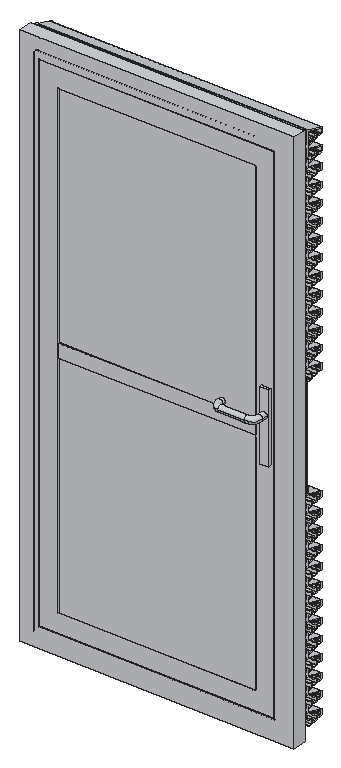
Revit family "NLRS_31_DO_WB_HS50R enkele deur-AV_jazo_jazo", category Doors, host Wall, Revit 2020
Family settings
  Host = Wall
  OmniClass Number = 23.30.10.00
  OmniClass Title = Doors
  Always vertical = Yes
  Cut with Voids When Loaded = No
  Shared = No
  Room Calculation Point = No
Parameters (values of type "TYPE CATALOG")
  URL = "www.jazo.com"
  Thickness = if(JAZO_C_forster presto kozijn, 50 mm, if(JAZO_C_aluminium kozijn, 60 mm, 50 mm))  # 50 mm
  Rough Width = NLRS_C_breedte_01  # 1010 mm
  Rough Height = NLRS_C_hoogte_01  # 2010 mm
  Operation = ""
  Negge = 82.5 mm
  NLRS_C_zelfsluitend = no
  NLRS_C_weerstandsklasse = "Voor specificaties of mogelijkheden, neem contact op."  # constant formula
  NLRS_C_vluchtroute = "Voor specificaties of mogelijkheden, neem contact op."  # constant formula
  NLRS_C_stelruimte = if(NLRS_C_brandwerend, 10 mm, 5 mm)  # 5 mm
  NLRS_C_rookwerendheid = "Voor specificaties of mogelijkheden, neem contact op."  # constant formula
  NLRS_C_offset_02 = if(JAZO_C_calculatie_03 < 0 mm, JAZO_C_calculatie_03 - ((NLRS_C_aantal_02 - 10) * 59.5 mm), NLRS_C_offset_01)  # 36.1 mm
  NLRS_C_offset_01 = if(JAZO_C_calculatie_03 > 0 mm, JAZO_C_calculatie_03 - ((NLRS_C_aantal_01 - 2) * 59.5 mm), 0 mm)  # 0 mm
  NLRS_C_offset = Negge  # 82.5 mm
  NLRS_C_merk = "Voor specificaties of mogelijkheden, neem contact op."  # constant formula
  NLRS_C_leverancier_url = "www.jazo.com"  # constant formula
  NLRS_C_leverancier_telefoonnummer = "+31 316 - 59 29 11"  # constant formula
  NLRS_C_leverancier_postcode = "6905 DJ"  # constant formula
  NLRS_C_leverancier_plaats = "Zevenaar"  # constant formula
  NLRS_C_leverancier_email = "info@jazo.com"  # constant formula
  NLRS_C_leverancier_bedrijfsnaam = "JAZO Zevenaar bv"  # constant formula
  NLRS_C_leverancier_adres = "Handelsdwarsstraat 10"  # constant formula
  NLRS_C_lengte_02 = if(JAZO_C_calculatie_02 < (10 * 59.5 mm), JAZO_C_calculatie_02, (10 * 59.5 mm))  # 512.1 mm
  NLRS_C_lengte_01 = if(JAZO_C_calculatie_01 > (2 * 59.5 mm), JAZO_C_calculatie_01, (2 * 59.5 mm))  # 119 mm
  NLRS_C_inbraakwerend = no
  NLRS_C_hoogte_min = if(JAZO_C_forster presto kozijn, if(and(NLRS_C_brandwerend, NLRS_C_inbraakwerend), 2050 mm, if(NLRS_C_inbraakwerend, 2050 mm, if(NLRS_C_brandwerend, 2000 mm, 1850 mm))), if(JAZO_C_aluminium kozijn, 1850 mm, 1850 mm))  # 1850 mm
  NLRS_C_hoogte_max = if(JAZO_C_forster presto kozijn, if(NLRS_C_inbraakwerend, 2640 mm, 3000 mm), if(JAZO_C_aluminium kozijn, if(NLRS_C_inbraakwerend, 2645 mm, 3200 mm), 2000 mm))  # 3000 mm
  NLRS_C_hoogte_01 = NLRS_C_hoogte + (NLRS_C_stelruimte * 2)  # 2010 mm
  NLRS_C_hoogte = if(Height < NLRS_C_hoogte_min, NLRS_C_hoogte_min, if(Height > NLRS_C_hoogte_max, NLRS_C_hoogte_max, Height))  # 2000 mm
  NLRS_C_geluidwering Rw = "Voor specificaties of mogelijkheden, neem contact op."  # constant formula
  NLRS_C_diepte_02 = if(JAZO_C_forster presto kozijn, 50 mm, 30 mm)  # 50 mm
  NLRS_C_diepte_01 = if(JAZO_C_forster presto kozijn, 132.5 mm, 142.5 mm)  # 132.5 mm
  NLRS_C_diepte = Thickness  # 50 mm
  NLRS_C_content_versie = "2.5"  # constant formula
  NLRS_C_content_revit versie = "REVIT 2020.2"  # constant formula
  NLRS_C_content_provider = "JAZO Zevenaar bv"  # constant formula
  NLRS_C_content_datum uitgifte = "17-8-2022"  # constant formula
  NLRS_C_content_datum gewijzigd = "7-11-2022"  # constant formula
  NLRS_C_content_creator = "JAZO Zevenaar bv"  # constant formula
  NLRS_C_breedte_min = 850 mm  # constant formula
  NLRS_C_breedte_max = if(JAZO_C_forster presto kozijn, if(NLRS_C_inbraakwerend, 1440 mm, 1500 mm), if(JAZO_C_aluminium kozijn, if(NLRS_C_inbraakwerend, 1661 mm, 1400 mm), 1000 mm))  # 1500 mm
  NLRS_C_breedte_01 = NLRS_C_breedte + NLRS_C_stelruimte * 2  # 1010 mm
  NLRS_C_breedte = if(Width < NLRS_C_breedte_min, NLRS_C_breedte_min, if(Width > NLRS_C_breedte_max, NLRS_C_breedte_max, Width))  # 1000 mm
  NLRS_C_brandwerend = no
  NLRS_C_aantal_02 = if(NLRS_C_hoogte < 2082.9 mm, rounddown(JAZO_C_calculatie_02 / 59.5 mm), 10)  # 8
  NLRS_C_aantal_01 = if(NLRS_C_hoogte > 2082.9 mm, rounddown(JAZO_C_calculatie_01 / 59.5 mm), 2)  # 2
  Model = "HS50R enkele deur"  # constant formula
  Manufacturer = "JAZO Zevenaar bv"  # constant formula
  MIN WIDTH = NLRS_C_breedte_min  # 850 mm
  MIN HEIGHT = NLRS_C_hoogte_min  # 1850 mm
  MAX WIDTH = NLRS_C_breedte_max  # 1500 mm
  MAX HEIGHT = NLRS_C_hoogte_max  # 3000 mm
  JAZO_C_ventilerend = no
  JAZO_C_paniekfunctie = no
  JAZO_C_opbouwrooster HS50R = if(or(JAZO_C_aluminium kozijn, JAZO_C_forster presto kozijn), 1 < 2, 2 < 1)  # yes
  JAZO_C_niet ventilerend = yes
  JAZO_C_materiaal schoep = none
  JAZO_C_materiaal scharnier = none
  JAZO_C_materiaal forster presto sandwichpaneel = none
  JAZO_C_materiaal forster presto kozijn = none
  JAZO_C_materiaal forster presto deurprofiel = none
  JAZO_C_materiaal beslag = none
  JAZO_C_materiaal aluminium planken = none
  JAZO_C_materiaal aluminium kozijn = none
  JAZO_C_forster presto kozijn = yes
  JAZO_C_dagmaat hoogte = if(JAZO_C_forster presto kozijn, NLRS_C_hoogte - 70 mm - 70 mm, if(JAZO_C_aluminium kozijn, NLRS_C_hoogte - 52 mm - 52 mm, 0 mm))  # 1860 mm
  JAZO_C_dagmaat breedte = if(JAZO_C_forster presto kozijn, NLRS_C_breedte - 70 mm - 70 mm, if(JAZO_C_aluminium kozijn, NLRS_C_breedte - 52 mm - 52 mm, 0 mm))  # 860 mm
  JAZO_C_calculatie_03 = (NLRS_C_hoogte - JAZO_C_calculatie_01 - JAZO_C_calculatie_02 - 98.2 mm - 238 mm - 238 mm - 119 mm - 357 mm - 238 mm - 59.5 mm - 21.2 mm) * -1  # -82.9 mm
  JAZO_C_calculatie_02 = NLRS_C_hoogte - (2 mm * 59.5) - 98.2 mm - 238 mm - 238 mm - 119 mm - 357 mm - 238 mm - 59.5 mm - 21.2 mm  # 512.1 mm
  JAZO_C_calculatie_01 = NLRS_C_hoogte - (10 mm * 59.5) - 98.2 mm - 238 mm - 238 mm - 119 mm - 357 mm - 238 mm - 59.5 mm - 21.2 mm  # 36.1 mm
  JAZO_C_aluminium kozijn = no
  Function = Exterior
  Height = 2000 mm
  Wall Closure = By host
  Width = 1000 mm
  Description = "HS50R enkele deur"  # constant formula
  Define Thermal Properties by = User Defined
  Construction Type = "Voor specificaties of mogelijkheden, neem contact op."  # constant formula
  Assembly Code = "23.30.10.00"
  Analytic Construction = "<None>"
Reference planes
  plane 1 "Center (Front/Back)": y = 0
  plane 2 "Center (Left/Right)": x = 0
  plane 3 "Left": x = -500
  plane 4 "Right": x = 500
  plane 5 "Top": z = 2005
  plane 6 "Exterior": y = 75
  plane 7 "Interior": y = -75
  plane 8 "stelruimte r": x = 505
  plane 9 "stelruimte l": x = -505
  plane 10 "stelruimte b": z = 2010
  plane 11 "stelruimte o": z = 5
  plane 12 "center kozijn": y = -32.5
  plane 13 "Center": z = 1005
  plane 14 "voorkant kozijn": y = -7.5
  plane 15 "achterkant kozijn": y = -57.5
  plane 16 "start_schoep": z = 1998.2
  plane 17 "sectie 2": z = 1662
  plane 18 "sectie 3": z = 1543
  plane 19 "sectie 4": z = 1305
  plane 20 "sectie 5": z = 1186
  plane 21 "sectie 6": z = 829
  plane 22 "sectie 7": z = 316.9
  plane 23 "sectie 8": z = 78.9
  plane 24 "sectie 9": z = 19.4
  plane 25 "offset sectie 3": z = 1543
  plane 26 "offset sectie 4": z = 1305
  plane 27 "offset sectie 5": z = 1186
  plane 28 "offset sectie 6": z = 829
  plane 29 "offset sectie 7": z = 353
  plane 30 "offset sectie 8": z = 115
  plane 31 "voorkant schoep": y = 75
  plane 32 "center kozijn + schoep": y = 8.75
  plane 33 "sectie 1": z = 1900
Lines and regions (mm)
  Opening 1
    outline origin (-3161.91, -75, 0) x (1, 0, 0) y (0, 0, 1)
      loop
        line (2656.91, 0) -> (3666.91, 0) -> (3666.91, 2010) -> (2656.91, 2010) -> (2656.91, 0)
  symbolic lines, style "Swing Elevation"
    curve 1: line (500, -75, 1005) -> (-500, -75, 2005)
    curve 2: line (500, -75, 1005) -> (-500, -75, 0)
Text (mm)
  text "Exterior" at (-2295.016, 1099.543, 0), in view "Ref. Level"
  text "Exterior" at (0, 1615.38, 3698.081), in view "Left"
  text "Exterior" at (0, 1036.032, 3874.932), in view "Right"
Dimensions and locks
  equal spacing: plane 9 "stelruimte l", plane 2 "Center (Left/Right)", plane 8 "stelruimte r"
  "NLRS_C_breedte": plane 3 "Left" to plane 4 "Right"
  "NLRS_C_hoogte": plane 5 "Top" to plane 11 "stelruimte o"
  "NLRS_C_hoogte_01": host wall to plane 10 "stelruimte b"
  locked: plane 6 "Exterior" to host wall
  locked: plane 7 "Interior" to host wall
  "NLRS_C_breedte_01": plane 9 "stelruimte l" to plane 8 "stelruimte r"
  equal spacing: plane 3 "Left", plane 2 "Center (Left/Right)", plane 4 "Right"
  equal spacing: plane 11 "stelruimte o", plane 13 "Center", plane 5 "Top"
  "NLRS_C_stelruimte": level to plane 11 "stelruimte o"
  locked: plane 16 "start_schoep" to plane 5 "Top" at 6.8
  locked: plane 17 "sectie 2" to plane 33 "sectie 1" at 238
  "NLRS_C_lengte_01": plane 18 "sectie 3" to plane 17 "sectie 2"
  locked: plane 19 "sectie 4" to plane 18 "sectie 3" at 238
  locked: plane 20 "sectie 5" to plane 19 "sectie 4" at 119
  locked: plane 21 "sectie 6" to plane 20 "sectie 5" at 357
  "NLRS_C_lengte_02": plane 22 "sectie 7" to plane 21 "sectie 6"
  locked: plane 23 "sectie 8" to plane 22 "sectie 7" at 238
  locked: plane 24 "sectie 9" to plane 23 "sectie 8" at 59.5
  "NLRS_C_offset_01": plane 18 "sectie 3" to plane 25 "offset sectie 3"
  "NLRS_C_offset_01": plane 19 "sectie 4" to plane 26 "offset sectie 4"
  "NLRS_C_offset_01": plane 20 "sectie 5" to plane 27 "offset sectie 5"
  "NLRS_C_offset_01": plane 21 "sectie 6" to plane 28 "offset sectie 6"
  "NLRS_C_offset_02": plane 22 "sectie 7" to plane 29 "offset sectie 7"
  "NLRS_C_offset_02": plane 23 "sectie 8" to plane 30 "offset sectie 8"
  equal spacing: plane 14 "voorkant kozijn", plane 12 "center kozijn", plane 15 "achterkant kozijn"
  "NLRS_C_diepte": plane 14 "voorkant kozijn" to plane 15 "achterkant kozijn"
  "NLRS_C_diepte_01": plane 31 "voorkant schoep" to plane 15 "achterkant kozijn"
  equal spacing: plane 31 "voorkant schoep", plane 32 "center kozijn + schoep", plane 15 "achterkant kozijn"
  "NLRS_C_offset": plane 14 "voorkant kozijn" to plane 6 "Exterior"
  locked: plane 33 "sectie 1" to plane 16 "start_schoep" at 98.2
  equal spacing: group 1, group 2, group 3, group 4
  equal spacing: group 4, group 3, group 2, group 1  (x2)
  locked: plane 33 "sectie 1" to nested 12 at 59.5
  group 5 to group 6 = 0 mm  (x2)
  group 6 to group 5 = 59.5 mm
  locked: plane 17 "sectie 2" to nested 16 at 59.5
  equal spacing: group 7, group 8, group 9, group 10  (x2)
  equal spacing: group 10, group 9, group 8, group 7
  locked: plane 25 "offset sectie 3" to nested 18 at 59.5
  group 11 to group 12 = 0 mm  (x2)
  group 12 to group 11 = 59.5 mm
  locked: plane 26 "offset sectie 4" to nested 22 at 59.5
  equal spacing: group 13, group 14, group 15, group 16, group 17, group 18  (x2)
  equal spacing: group 18, group 17, group 16, group 15, group 14, group 13
  locked: plane 27 "offset sectie 5" to nested 24 at 59.5
  equal spacing: group 19, group 20, group 21, group 22, group 23, group 24, group 29, group 30  (x2)
  equal spacing: group 30, group 29, group 24, group 23, group 22, group 21, group 20, group 19
  locked: plane 28 "offset sectie 6" to nested 30 at 59.5
  equal spacing: group 25, group 26, group 27, group 28  (x2)
  equal spacing: group 28, group 27, group 26, group 25
  locked: plane 29 "offset sectie 7" to nested 36 at 59.5
  locked: plane 28 "offset sectie 6" to nested 42 at 236.093
  locked: plane 30 "offset sectie 8" to nested 43 at 21.5
  locked: plane 17 "sectie 2" to nested 44 at 21.5
  locked: plane 26 "offset sectie 4" to nested 45 at 21.5
  locked: plane 30 "offset sectie 8" to nested 47 at 21.5
  locked: plane 26 "offset sectie 4" to nested 46 at 21.5
  locked: plane 17 "sectie 2" to nested 48 at 21.5
  aligned and locked: Opening 1 sketch curve to level
  aligned and locked: plane 1 "Center (Front/Back)" to host wall
  aligned and locked: Opening 1 sketch curve to plane 9 "stelruimte l"
  aligned and locked: plane 10 "stelruimte b" to Opening 1 sketch curve
  aligned and locked: Opening 1 sketch curve to plane 8 "stelruimte r"
  aligned and locked: plane 2 "Center (Left/Right)" to nested 1
  aligned and locked: nested 1 to plane 12 "center kozijn"
  aligned and locked: nested 1 to plane 5 "Top"
  aligned and locked: plane 2 "Center (Left/Right)" to nested 2
  aligned and locked: nested 2 to plane 12 "center kozijn"
  aligned and locked: nested 3 to plane 12 "center kozijn"
  aligned and locked: plane 2 "Center (Left/Right)" to nested 3
  aligned and locked: plane 2 "Center (Left/Right)" to nested 4
  aligned and locked: nested 4 to plane 12 "center kozijn"
  aligned and locked: nested 5 to plane 12 "center kozijn"
  aligned and locked: plane 2 "Center (Left/Right)" to nested 5
  aligned and locked: nested 3 to plane 5 "Top"
  aligned and locked: nested 5 to plane 5 "Top"
  aligned and locked: plane 2 "Center (Left/Right)" to nested 6
  aligned and locked: nested 6 to plane 32 "center kozijn + schoep"
  aligned and locked: plane 2 "Center (Left/Right)" to nested 7
  aligned and locked: nested 7 to plane 32 "center kozijn + schoep"
  aligned and locked: plane 13 "Center" to nested 4
  aligned and locked: plane 4 "Right" to nested 8
  aligned and locked: nested 8 to plane 31 "voorkant schoep"
  aligned and locked: nested 9 to plane 3 "Left"
  aligned and locked: nested 9 to plane 14 "voorkant kozijn"
  aligned and locked: plane 2 "Center (Left/Right)" to nested 10
  aligned and locked: plane 14 "voorkant kozijn" to nested 10
  aligned and locked: nested 10 to plane 16 "start_schoep"
  aligned and locked: plane 2 "Center (Left/Right)" to nested 11
  aligned and locked: plane 33 "sectie 1" to nested 11
  aligned and locked: plane 14 "voorkant kozijn" to nested 11
  aligned and locked: plane 14 "voorkant kozijn" to nested 12
  aligned and locked: plane 2 "Center (Left/Right)" to nested 15
  aligned and locked: plane 14 "voorkant kozijn" to nested 15
  aligned and locked: nested 15 to plane 17 "sectie 2"
  aligned and locked: plane 14 "voorkant kozijn" to nested 16
  aligned and locked: plane 2 "Center (Left/Right)" to nested 17
  aligned and locked: plane 14 "voorkant kozijn" to nested 17
  aligned and locked: nested 17 to plane 25 "offset sectie 3"
  aligned and locked: plane 14 "voorkant kozijn" to nested 18
  aligned and locked: plane 2 "Center (Left/Right)" to nested 21
  aligned and locked: plane 14 "voorkant kozijn" to nested 21
  aligned and locked: nested 21 to plane 26 "offset sectie 4"
  aligned and locked: plane 14 "voorkant kozijn" to nested 22
  aligned and locked: plane 2 "Center (Left/Right)" to nested 23
  aligned and locked: plane 14 "voorkant kozijn" to nested 23
  aligned and locked: nested 23 to plane 27 "offset sectie 5"
  aligned and locked: plane 14 "voorkant kozijn" to nested 24
  aligned and locked: plane 2 "Center (Left/Right)" to nested 29
  aligned and locked: plane 14 "voorkant kozijn" to nested 29
  aligned and locked: nested 29 to plane 28 "offset sectie 6"
  aligned and locked: plane 14 "voorkant kozijn" to nested 30
  aligned and locked: plane 2 "Center (Left/Right)" to nested 35
  aligned and locked: plane 14 "voorkant kozijn" to nested 35
  aligned and locked: nested 35 to plane 29 "offset sectie 7"
  aligned and locked: plane 14 "voorkant kozijn" to nested 36
  aligned and locked: plane 2 "Center (Left/Right)" to nested 39
  aligned and locked: plane 14 "voorkant kozijn" to nested 39
  aligned and locked: nested 39 to plane 30 "offset sectie 8"
  aligned and locked: nested 42 to plane 4 "Right"
  aligned and locked: nested 42 to plane 14 "voorkant kozijn"
  aligned and locked: nested 43 to plane 3 "Left"
  aligned and locked: nested 44 to plane 3 "Left"
  aligned and locked: nested 45 to plane 3 "Left"
  aligned and locked: nested 46 to plane 3 "Left"
  aligned and locked: nested 47 to plane 3 "Left"
  aligned and locked: nested 48 to plane 3 "Left"
  aligned and locked: plane 14 "voorkant kozijn" to nested 45
  aligned and locked: plane 14 "voorkant kozijn" to nested 44
  aligned and locked: plane 14 "voorkant kozijn" to nested 43
  aligned and locked: nested 48 to plane 14 "voorkant kozijn"
  aligned and locked: nested 47 to plane 14 "voorkant kozijn"
  aligned and locked: nested 46 to plane 14 "voorkant kozijn"
  aligned and locked: nested 2 to plane 5 "Top"
  aligned and locked: nested 49 to plane 3 "Left"
  aligned and locked: nested 49 to plane 4 "Right"
  aligned and locked: plane 14 "voorkant kozijn" to nested 49
  aligned and locked: plane 2 "Center (Left/Right)" to nested 50
  aligned and locked: nested 50 to plane 32 "center kozijn + schoep"
Automatic sketch dimensions
  plane 4 "Right" to curve 2 = 0 mm
  curve 2 to level = 0 mm
  curve 2 to plane 13 "Center" = 0 mm
  plane 3 "Left" to curve 1 = 0 mm
  curve 1 to plane 5 "Top" = 0 mm
  plane 3 "Left" to curve 2 = 0 mm
Nested families
  nested 1: "NLRS_31_GM_UN_forster presto kozijn-AV" at (0, -32.5, 5), type "forster presto kozijn"
    with NLRS_C_breedte 1000 mm
  nested 2: "NLRS_31_GM_UN_aluminium kozijn-AV" at (0, -32.5, 5), type "aluminium kozijn"
  nested 3: "NLRS_31_GM_UN_forster presto deurprofiel-AV" at (0, -32.5, 5), type "forster presto deurprofiel"
  nested 4: "NLRS_31_GM_UN_forster presto sandwichpaneel opbouwroosters-AV" at (0, -32.5, 5), type "forster presto sandiwchpaneel opbouwroosters"
    with NLRS_C_zichtbaar_02 no, NLRS_C_breedte_01 720 mm, NLRS_C_breedte 1000 mm, NLRS_C_brandwerend no, JAZO_C_ventilerend no, JAZO_C_niet ventilerend yes
  nested 5: "NLRS_31_GM_UN_aluminium planken opbouwroosters-AV" at (0, -17.492, 5), type "aluminium planken"
    with NLRS_C_zichtbaar_01 no, NLRS_C_hoogte_04 759.5 mm, NLRS_C_hoogte_03 755.5 mm, NLRS_C_hoogte_02 1930 mm, NLRS_C_hoogte 2000 mm, NLRS_C_breedte_03 742 mm, NLRS_C_breedte_02 753 mm, NLRS_C_breedte_01 952 mm, NLRS_C_breedte 1000 mm, NLRS_C_aantal_02 38, NLRS_C_aantal_01 38, JAZO_C_aluminium kozijn no
  nested 6: "NLRS_31_DI_UN_markering" at (0, 8.75, 0), type "markering"
  nested 7: "NLRS_31_GA_UN_error message" at (0, 8.75, 0), type "error message"
    with NLRS_C_zichtbaar_10 no, NLRS_C_zichtbaar_05 no, NLRS_C_hoogte_max 3000 mm, NLRS_C_hoogte 2000 mm, NLRS_C_breedte_max 1500 mm, NLRS_C_brandwerend no, JAZO_C_aluminium kozijn no
  nested 8: "NLRS_31_DI_UN_beslagbak detail HS50R HJ55" at (401, 75, 0), type "beslagbak detail HS50R HJ55"
    with JAZO_C_opbouwrooster HS50R yes, JAZO_C_forster presto kozijn yes
  nested 9: "NLRS_31_DI_UN_scharnier detail HS50R HJ55" at (-500, -7.5, 0), type "scharnier detail HS50R HJ55"
    with JAZO_C_forster presto kozijn yes, JAZO_C_aluminium kozijn no
  nested 10: "NLRS_31_GM_UN_HS50R start schoep-AV" at (0, 39.25, 1884.973), NLRS_C_breedte <- "NLRS_C_breedte", type "HS50R start schoep"
    with NLRS_C_breedte 1000 mm
  nested 11: "NLRS_31_GM_UN_HS50R scharnier schoep-AV" at (0, 39.25, 1826.028), NLRS_C_breedte <- "NLRS_C_breedte", type "HS50R scharnier schoep"
    with NLRS_C_breedte 1000 mm
  nested 12: "NLRS_31_GM_UN_HS50R scharnier schoep-AV" at (0, 39.25, 1766.528), NLRS_C_breedte <- "NLRS_C_breedte", type "HS50R scharnier schoep"
    with NLRS_C_breedte 1000 mm
  nested 13: "NLRS_31_GM_UN_HS50R scharnier schoep-AV" at (0, 39.25, 1707.028), NLRS_C_breedte <- "NLRS_C_breedte", type "HS50R scharnier schoep"
    with NLRS_C_breedte 1000 mm
  nested 14: "NLRS_31_GM_UN_HS50R scharnier schoep-AV" at (0, 39.25, 1647.528), NLRS_C_breedte <- "NLRS_C_breedte", type "HS50R scharnier schoep"
    with NLRS_C_breedte 1000 mm
  nested 15: "NLRS_31_GM_UN_HS50R schoep-AV" at (0, 39.25, 1588.062), NLRS_C_breedte <- "NLRS_C_breedte", type "HS50R schoep"
    with NLRS_C_breedte 1000 mm
  nested 16: "NLRS_31_GM_UN_HS50R schoep-AV" at (0, 39.25, 1528.562), NLRS_C_breedte <- "NLRS_C_breedte", type "HS50R schoep"
    with NLRS_C_breedte 1000 mm
  nested 17: "NLRS_31_GM_UN_HS50R scharnier schoep-AV" at (0, 39.25, 1469.028), NLRS_C_breedte <- "NLRS_C_breedte", type "HS50R scharnier schoep"
    with NLRS_C_breedte 1000 mm
  nested 18: "NLRS_31_GM_UN_HS50R scharnier schoep-AV" at (0, 39.25, 1409.528), NLRS_C_breedte <- "NLRS_C_breedte", type "HS50R scharnier schoep"
    with NLRS_C_breedte 1000 mm
  nested 19: "NLRS_31_GM_UN_HS50R scharnier schoep-AV" at (0, 39.25, 1350.028), NLRS_C_breedte <- "NLRS_C_breedte", type "HS50R scharnier schoep"
    with NLRS_C_breedte 1000 mm
  nested 20: "NLRS_31_GM_UN_HS50R scharnier schoep-AV" at (0, 39.25, 1290.528), NLRS_C_breedte <- "NLRS_C_breedte", type "HS50R scharnier schoep"
    with NLRS_C_breedte 1000 mm
  nested 21: "NLRS_31_GM_UN_HS50R schoep-AV" at (0, 39.25, 1231.062), NLRS_C_breedte <- "NLRS_C_breedte", type "HS50R schoep"
    with NLRS_C_breedte 1000 mm
  nested 22: "NLRS_31_GM_UN_HS50R schoep-AV" at (0, 39.25, 1171.562), NLRS_C_breedte <- "NLRS_C_breedte", type "HS50R schoep"
    with NLRS_C_breedte 1000 mm
  nested 23: "NLRS_31_GM_UN_HS50R beslag schoep-AV" at (0, 39.25, 1112.028), NLRS_C_breedte <- "NLRS_C_breedte", type "HS50R beslag schoep"
    with NLRS_C_breedte 1000 mm
  nested 24: "NLRS_31_GM_UN_HS50R beslag schoep-AV" at (0, 39.25, 1052.528), NLRS_C_breedte <- "NLRS_C_breedte", type "HS50R beslag schoep"
    with NLRS_C_breedte 1000 mm
  nested 25: "NLRS_31_GM_UN_HS50R beslag schoep-AV" at (0, 39.25, 993.028), NLRS_C_breedte <- "NLRS_C_breedte", type "HS50R beslag schoep"
    with NLRS_C_breedte 1000 mm
  nested 26: "NLRS_31_GM_UN_HS50R beslag schoep-AV" at (0, 39.25, 933.528), NLRS_C_breedte <- "NLRS_C_breedte", type "HS50R beslag schoep"
    with NLRS_C_breedte 1000 mm
  nested 27: "NLRS_31_GM_UN_HS50R beslag schoep-AV" at (0, 39.25, 874.028), NLRS_C_breedte <- "NLRS_C_breedte", type "HS50R beslag schoep"
    with NLRS_C_breedte 1000 mm
  nested 28: "NLRS_31_GM_UN_HS50R beslag schoep-AV" at (0, 39.25, 814.528), NLRS_C_breedte <- "NLRS_C_breedte", type "HS50R beslag schoep"
    with NLRS_C_breedte 1000 mm
  nested 29: "NLRS_31_GM_UN_HS50R schoep-AV" at (0, 39.25, 755.062), NLRS_C_breedte <- "NLRS_C_breedte", type "HS50R schoep"
    with NLRS_C_breedte 1000 mm
  nested 30: "NLRS_31_GM_UN_HS50R schoep-AV" at (0, 39.25, 695.562), NLRS_C_breedte <- "NLRS_C_breedte", type "HS50R schoep"
    with NLRS_C_breedte 1000 mm
  nested 31: "NLRS_31_GM_UN_HS50R schoep-AV" at (0, 39.25, 636.062), NLRS_C_breedte <- "NLRS_C_breedte", type "HS50R schoep"
    with NLRS_C_breedte 1000 mm
  nested 32: "NLRS_31_GM_UN_HS50R schoep-AV" at (0, 39.25, 576.562), NLRS_C_breedte <- "NLRS_C_breedte", type "HS50R schoep"
    with NLRS_C_breedte 1000 mm
  nested 33: "NLRS_31_GM_UN_HS50R schoep-AV" at (0, 39.25, 517.062), NLRS_C_breedte <- "NLRS_C_breedte", type "HS50R schoep"
    with NLRS_C_breedte 1000 mm
  nested 34: "NLRS_31_GM_UN_HS50R schoep-AV" at (0, 39.25, 457.562), NLRS_C_breedte <- "NLRS_C_breedte", type "HS50R schoep"
    with NLRS_C_breedte 1000 mm
  nested 35: "NLRS_31_GM_UN_HS50R scharnier schoep-AV" at (0, 39.25, 279.028), NLRS_C_breedte <- "NLRS_C_breedte", type "HS50R scharnier schoep"
    with NLRS_C_breedte 1000 mm
  nested 36: "NLRS_31_GM_UN_HS50R scharnier schoep-AV" at (0, 39.25, 219.528), NLRS_C_breedte <- "NLRS_C_breedte", type "HS50R scharnier schoep"
    with NLRS_C_breedte 1000 mm
  nested 37: "NLRS_31_GM_UN_HS50R scharnier schoep-AV" at (0, 39.25, 160.028), NLRS_C_breedte <- "NLRS_C_breedte", type "HS50R scharnier schoep"
    with NLRS_C_breedte 1000 mm
  nested 38: "NLRS_31_GM_UN_HS50R scharnier schoep-AV" at (0, 39.25, 100.528), NLRS_C_breedte <- "NLRS_C_breedte", type "HS50R scharnier schoep"
    with NLRS_C_breedte 1000 mm
  nested 39: "NLRS_31_GM_UN_HS50R schoep-AV" at (0, 39.25, 41.062), NLRS_C_breedte <- "NLRS_C_breedte", type "HS50R schoep"
    with NLRS_C_breedte 1000 mm
  nested 40: "NLRS_31_GM_UN_HS50R schoep-AV" at (0, 39.25, 398.062), NLRS_C_breedte <- "NLRS_C_breedte", type "HS50R schoep"
    with NLRS_C_breedte 1000 mm
  nested 41: "NLRS_31_GM_UN_HS50R schoep-AV" at (0, 39.25, 338.562), NLRS_C_breedte <- "NLRS_C_breedte", type "HS50R schoep"
    with NLRS_C_breedte 1000 mm
  nested 42: "NLRS_31_GM_UN_beslagbak HS50R-AV" at (401, 3.5, 755.093), type "beslagbak HS50R"
  nested 43: "NLRS_31_GM_UN_scharnier staal HS50R HJ55-AV" at (-480, 66.5, 136.5), type "scharnier HS50R HJ55"
  nested 44: "NLRS_31_GM_UN_scharnier staal HS50R HJ55-AV" at (-480, 66.5, 1683.5), type "scharnier HS50R HJ55"
  nested 45: "NLRS_31_GM_UN_scharnier staal HS50R HJ55-AV" at (-480, 66.5, 1326.5), type "scharnier HS50R HJ55"
  nested 46: "NLRS_31_GM_UN_scharnier aluminium HS50R HJ55-AV" at (-480, 74, 1326.5), type "scharnier aluminium HS50R HJ55"
    with JAZO_C_aluminium kozijn no
  nested 47: "NLRS_31_GM_UN_scharnier aluminium HS50R HJ55-AV" at (-480, 74, 136.5), type "scharnier aluminium HS50R HJ55"
    with JAZO_C_aluminium kozijn no
  nested 48: "NLRS_31_GM_UN_scharnier aluminium HS50R HJ55-AV" at (-480, 74, 1683.5), type "scharnier aluminium HS50R HJ55"
    with JAZO_C_aluminium kozijn no
  nested 49: "NLRS_31_GM_UN_door swing" at (-500, -7.5, 0) x (-1, 0, 0) z (0, 0, 1), NLRS_C_breedte <- "NLRS_C_breedte", type "door swing"
    with NLRS_C_hoek 90.00°, NLRS_C_breedte 1000 mm
  nested 50: "NLRS_31_GA_UN_error message paniekfunctie" at (0, 8.75, 0), type "error message"
    with NLRS_C_zichtbaar_01 no, NLRS_C_inbraakwerend no, JAZO_C_ventilerend no, JAZO_C_paniekfunctie no
Definition of nested family "NLRS_31_GM_UN_forster presto kozijn-AV"
  Parameters (values of type "forster presto kozijn")
    URL = "www.jazo.com"
    NLRS_C_zichtbaar_01 = yes
    NLRS_C_materiaal = none
    NLRS_C_hoogte = 2000 mm
    NLRS_C_diepte = 50 mm  # constant formula
    NLRS_C_breedte = 2500 mm
    Model = "Forster Presto kozijn"
    Manufacturer = "JAZO Zevenaar bv"
    Description = "Forster Presto kozijn"
    Default Elevation = 0 mm
    Assembly Code = "23.30.10.11.11"
  Reference planes
    plane 1 "Center (Front/Back)": y = 0
    plane 2 "Bottom": z = 0
    plane 3 "Center (Left/Right)": x = 0
    plane 4 "Left": x = -1250
    plane 5 "Right": x = 1250
    plane 6 "Top": z = 2000
    plane 7 "voorkant kozijn": y = 25
    plane 8 "achterkant kozijn": y = -25
  Forms (mm)
    Sweep 1, solid, material <- "NLRS_C_materiaal", visible <- "NLRS_C_zichtbaar_01"
      path origin (0, 0, 0) x (1, 0, 0) y (0, 0, 1)
        loop
          line (-1250, 2000) -> (-1250, 0) -> (1250, 0) -> (1250, 2000) -> (-1250, 2000)
      profile origin (0, 0, 2000) x (0, 0, 1) y (0, -1, 0)
        loop
          line (0, -25) -> (0, 25) -> (-50, 25) -> (-70, 25) -> (-70, 22.003) -> (-50, 22.003) -> (-50, -19) -> (-36, -19) -> (-36, -25) -> (0, -25)
  Lines and regions (mm)
    symbolic lines, visible <- "NLRS_C_zichtbaar_01"
      curve 1: line (-1181.52, -25, 0) -> (1181.52, -25, 0)
      curve 2: line (-1216.25, 25, 0) -> (1216.25, 25, 0)
    symbolic lines
      curve 3: line (0, -25, 1931.52) -> (0, -25, 68.48)
      curve 4: line (0, 25, 33.75) -> (0, 25, 1966.25)
  Dimensions and locks
    "NLRS_C_hoogte": plane 6 "Top" to plane 2 "Bottom"
    "NLRS_C_diepte": plane 7 "voorkant kozijn" to plane 8 "achterkant kozijn"
    "NLRS_C_breedte": plane 4 "Left" to plane 5 "Right"
    equal spacing: plane 4 "Left", plane 3 "Center (Left/Right)", plane 5 "Right"
    aligned and locked: level to plane 2 "Bottom"
    aligned and locked: Sweep 1 to plane 8 "achterkant kozijn"
    aligned and locked: Sweep 1 to plane 7 "voorkant kozijn"
    aligned and locked: nested 1 to plane 8 "achterkant kozijn"
    aligned and locked: nested 2 to plane 8 "achterkant kozijn"
    aligned and locked: Sweep 1 sketch curve to plane 6 "Top"
    aligned and locked: Sweep 1 sketch curve to plane 4 "Left"
    aligned and locked: plane 5 "Right" to Sweep 1 sketch curve
    aligned and locked: plane 2 "Bottom" to Sweep 1 sketch curve
    aligned and locked: nested 1 to plane 4 "Left"
    aligned and locked: nested 2 to plane 5 "Right"
    aligned and locked: nested 4 to plane 6 "Top"
    aligned and locked: nested 3 to plane 2 "Bottom"
    aligned and locked: curve 1 to plane 8 "achterkant kozijn"
    aligned and locked: curve 2 to plane 7 "voorkant kozijn"
    aligned and locked: plane 8 "achterkant kozijn" to curve 3
    aligned and locked: curve 4 to plane 7 "voorkant kozijn"
  Automatic sketch dimensions
    profile plane to Sweep 1 sketch curve = 0 mm
    profile plane to Sweep 1 sketch curve = 36 mm
    Sweep 1 sketch curve to Sweep 1 sketch curve = 14 mm
    Sweep 1 sketch curve to Sweep 1 sketch curve = 0 mm
    Sweep 1 sketch curve to Sweep 1 sketch curve = 20 mm
    Sweep 1 sketch curve to plane 1 "Center (Front/Back)" = 25 mm
    Sweep 1 sketch curve to Sweep 1 sketch curve = 6 mm
    plane 1 "Center (Front/Back)" to Sweep 1 sketch curve = 22.003 mm
    Sweep 1 sketch curve to Sweep 1 sketch curve = 2.997 mm
    curve 2 to plane 4 "Left" = 33.75 mm
    curve 2 to curve 1 = 34.73 mm
    plane 5 "Right" to curve 1 = 68.48 mm
    plane 5 "Right" to curve 2 = 33.75 mm
    level to curve 4 = 33.75 mm
    curve 4 to curve 3 = 34.73 mm
    curve 3 to plane 6 "Top" = 68.48 mm
    curve 4 to plane 6 "Top" = 33.75 mm
  Nested families
    nested 1: "NLRS_31_DI_UN_forster presto kozijn detail" at (-1250, -25, 0) x (0, 1, 0) z (0, 0, 1), visible <- "NLRS_C_zichtbaar_01", type "forster presto kozijn detail"
    nested 2: "NLRS_31_DI_UN_forster presto kozijn detail" at (1250, -25, 0) x (0, 1, 0) z (0, 0, 1), visible <- "NLRS_C_zichtbaar_01", type "forster presto kozijn detail"
    nested 3: "NLRS_31_DI_UN_forster presto kozijn detail" at (0, -25, 0) x (0, 1, 0) z (1, 0, 0), visible <- "NLRS_C_zichtbaar_01", type "forster presto kozijn detail"
    nested 4: "NLRS_31_DI_UN_forster presto kozijn detail" at (0, -25, 2000) x (0, 1, 0) z (1, 0, 0), visible <- "NLRS_C_zichtbaar_01", type "forster presto kozijn detail"
  Definition of nested family "NLRS_31_DI_UN_forster presto kozijn detail"
    Parameters (values of type "forster presto kozijn detail")
      URL = "www.jazo.com"
      Manufacturer = "Jazo Zevenaar BV"
      Description = "Forster presto kozijn detail"
    Reference planes
      plane 1 "Center (Front/Back)": y = 0
      plane 2: z = 0
      plane 3 "Center (Left/Right)": x = 0
    Lines and regions (mm)
      detail lines, in view "Ref. Level"
        curve 1: line (0, 2.25, 0) -> (0, 68.48, 0)
        curve 2: arc (0, 68.48, 0) -> (1.52, 70, 0) -> (3.04, 68.48, 0) r 1.52
        curve 3: line (3.04, 68.48, 0) -> (3.04, 50.75, 0)
        curve 4: arc (3.04, 50.75, 0) -> (3.26, 50.22, 0) -> (3.79, 50, 0) r 0.75
        curve 5: line (3.79, 50, 0) -> (42.48, 50, 0)
        curve 6: arc (42.48, 50, 0) -> (43.99, 48.306, 0) -> (42.134, 47, 0) r 1.52
        curve 7: line (42.134, 47, 0) -> (37, 47, 0)
        curve 8: arc (37, 46.96, 0) -> (35.51, 45.633, 0) -> (36.656, 44, 0) r 1.5
        curve 9: line (36.656, 44, 0) -> (42.79, 44, 0)
        curve 10: arc (42.79, 44, 0) -> (44.108, 43.561, 0) -> (44.901, 42.421, 0) r 2.2
        curve 11: line (45, 42.467, 0) -> (45, 36.75, 0)
        curve 12: arc (45, 36.75, 0) -> (45.22, 36.22, 0) -> (45.75, 36, 0) r 0.75
        curve 13: line (45.75, 36, 0) -> (47.75, 36, 0)
        curve 14: arc (47.75, 36, 0) -> (49.341, 35.341, 0) -> (50, 33.75, 0) r 2.25
        curve 15: line (50, 33.75, 0) -> (50, 2.25, 0)
        curve 16: arc (50, 2.25, 0) -> (49.341, 0.659, 0) -> (47.75, 0, 0) r 2.25
        curve 17: line (47.75, 0, 0) -> (2.25, 0, 0)
        curve 18: arc (2.25, 0, 0) -> (0.659, 0.659, 0) -> (0, 2.25, 0) r 2.25
        curve 19: arc (37, 48.46, 0) -> (34, 45.46, 0) -> (37, 42.46, 0) r 3
        curve 20: line (37, 42.46, 0) -> (42.75, 42.46, 0)
        curve 21: arc (42.75, 42.46, 0) -> (43.28, 42.24, 0) -> (43.5, 41.71, 0) r 0.75
        curve 22: line (43.5, 41.71, 0) -> (43.5, 36.75, 0)
        curve 23: arc (43.5, 36.75, 0) -> (44.159, 35.159, 0) -> (45.75, 34.5, 0) r 2.25
        curve 24: line (45.75, 34.5, 0) -> (47.75, 34.5, 0)
        curve 25: arc (47.75, 34.5, 0) -> (48.28, 34.28, 0) -> (48.5, 33.75, 0) r 0.75
        curve 26: line (48.5, 33.75, 0) -> (48.5, 2.25, 0)
        curve 27: arc (48.5, 2.25, 0) -> (48.28, 1.72, 0) -> (47.75, 1.5, 0) r 0.75
        curve 28: line (47.75, 1.5, 0) -> (2.25, 1.5, 0)
        curve 29: arc (2.25, 1.5, 0) -> (1.72, 1.72, 0) -> (1.5, 2.25, 0) r 0.75
        curve 30: line (1.5, 2.25, 0) -> (1.5, 68.48, 0)
        curve 31: arc (1.54, 50.75, 0) -> (2.199, 49.159, 0) -> (3.79, 48.5, 0) r 2.25
        curve 32: line (3.79, 48.5, 0) -> (42.48, 48.5, 0)
Definition of nested family "NLRS_31_GM_UN_forster presto deurprofiel-AV"
  Parameters (values of type "forster presto deurprofiel")
    URL = "www.jazo.com"
    NLRS_C_zichtbaar_01 = yes
    NLRS_C_materiaal = none
    NLRS_C_hoogte = 2000 mm
    NLRS_C_diepte = 50 mm  # constant formula
    NLRS_C_breedte = 1000 mm
    Model = "Forster Presto deurprofiel"
    Manufacturer = "JAZO Zevenaar bv"
    Description = "Forster presto deurprofiel"
    Default Elevation = 0 mm
    Assembly Code = "23.30.10.11.11"
  Reference planes
    plane 1 "Center (Front/Back)": y = 0
    plane 2 "Bottom": z = 0
    plane 3 "Center (Left/Right)": x = 0
    plane 4 "Left": x = -500
    plane 5 "Right": x = 500
    plane 6 "Top": z = 2000
    plane 7 "voorkant kozijn": y = 25
    plane 8 "achterkant kozijn": y = -25
    plane 9 "Center (Elevation)": z = 1000
  Forms (mm)
    Sweep 1, solid, material <- "NLRS_C_materiaal", visible <- "NLRS_C_zichtbaar_01"
      path origin (0, 0, 0) x (1, 0, 0) y (0, 0, 1)
        loop
          line (-500, 2000) -> (-500, 0) -> (500, 0) -> (500, 2000) -> (-500, 2000)
      profile origin (0, 0, 2000) x (0, 0, 1) y (0, -1, 0)
        loop
          line (-40, -22) -> (-60, -22) -> (-60, 19) -> (-74, 19) -> (-74, 25) -> (-140, 25) -> (-140, -22) -> (-160, -22) -> (-160, -25) -> (-40, -25) -> (-40, -22)
  Lines and regions (mm)
    symbolic lines, visible <- "NLRS_C_zichtbaar_01"
      curve 1: line (-362.25, -25, 0) -> (362.25, -25, 0)
      curve 2: line (-341.52, 25, 0) -> (341.52, 25, 0)
      curve 3: line (0, 25, 1841.52) -> (0, 25, 158.48)
      curve 4: line (0, -25, 123.75) -> (0, -25, 1862.25)
  Dimensions and locks
    equal spacing: plane 4 "Left", plane 3 "Center (Left/Right)", plane 5 "Right"
    "NLRS_C_breedte": plane 4 "Left" to plane 5 "Right"
    "NLRS_C_hoogte": plane 6 "Top" to plane 2 "Bottom"
    locked: plane 4 "Left" to nested 1 at 60
    locked: nested 2 to plane 5 "Right" at 60
    locked: nested 3 to plane 6 "Top" at 60
    equal spacing: plane 6 "Top", plane 9 "Center (Elevation)", plane 2 "Bottom"
    locked: Sweep 1 to plane 2 "Bottom" at 60
    aligned and locked: level to plane 2 "Bottom"
    aligned and locked: Sweep 1 to plane 7 "voorkant kozijn"  (x2)
    aligned and locked: plane 8 "achterkant kozijn" to nested 3
    aligned and locked: Sweep 1 sketch curve to plane 6 "Top"
    aligned and locked: Sweep 1 sketch curve to plane 4 "Left"
    aligned and locked: plane 5 "Right" to Sweep 1 sketch curve
    aligned and locked: plane 2 "Bottom" to Sweep 1 sketch curve
    aligned and locked: curve 1 to plane 8 "achterkant kozijn"
    aligned and locked: plane 7 "voorkant kozijn" to curve 2
    aligned and locked: curve 3 to plane 7 "voorkant kozijn"
    aligned and locked: curve 4 to plane 8 "achterkant kozijn"
  Automatic sketch dimensions
    profile plane to Sweep 1 sketch curve = 160 mm
    Sweep 1 sketch curve to Sweep 1 sketch curve = 20 mm  (x2)
    Sweep 1 sketch curve to Sweep 1 sketch curve = 66 mm
    Sweep 1 sketch curve to Sweep 1 sketch curve = 14 mm
    Sweep 1 sketch curve to plane 1 "Center (Front/Back)" = 25 mm
    Sweep 1 sketch curve to Sweep 1 sketch curve = 3 mm  (x2)
    Sweep 1 sketch curve to Sweep 1 sketch curve = 41 mm
    Sweep 1 sketch curve to Sweep 1 sketch curve = 6 mm
    curve 1 to plane 4 "Left" = 137.75 mm
    curve 1 to curve 2 = 20.73 mm
    plane 5 "Right" to curve 2 = 158.48 mm
    curve 2 to curve 1 = 20.73 mm
    level to curve 4 = 123.75 mm
    curve 4 to curve 3 = 34.73 mm
    curve 3 to plane 6 "Top" = 158.48 mm
    curve 3 to curve 4 = 20.73 mm
  Nested families
    nested 1: "NLRS_31_DI_UN_forster presto deurprofiel detail" at (-460, 25, 0) x (0, -1, 0) z (0, 0, 1), visible <- "NLRS_C_zichtbaar_01", type "forster presto deurprofiel detail"
    nested 2: "NLRS_31_DI_UN_forster presto deurprofiel detail" at (460, 25, 0) x (0, -1, 0) z (0, 0, 1), visible <- "NLRS_C_zichtbaar_01", type "forster presto deurprofiel detail"
    nested 3: "NLRS_31_DI_UN_forster presto deurprofiel detail" at (0, 25, 1960) x (0, -1, 0) z (1, 0, 0), visible <- "NLRS_C_zichtbaar_01", type "forster presto deurprofiel detail"
    nested 4: "NLRS_31_DI_UN_forster presto deurprofiel detail" at (0, 25, 40) x (0, -1, 0) z (1, 0, 0), visible <- "NLRS_C_zichtbaar_01", type "forster presto deurprofiel detail"
  Definition of nested family "NLRS_31_DI_UN_forster presto deurprofiel detail"
    Parameters (values of type "forster presto deurprofiel detail")
      URL = "www.jazo.com"
      Manufacturer = "Jazo Zevenaar BV"
      Description = "Forster presto deurprofiel detail"
      Assembly Code = "23.30.10.11.11"
    Reference planes
      plane 1 "Center (Front/Back)": y = 0
      plane 2: z = 0
      plane 3 "Center (Left/Right)": x = 0
    Lines and regions (mm)
      detail lines, in view "Ref. Level"
        curve 1: line (50, 36.25, 0) -> (50, 97.75, 0)
        curve 2: arc (50, 97.75, 0) -> (49.341, 99.341, 0) -> (47.75, 100, 0) r 2.25
        curve 3: line (47.75, 100, 0) -> (3.79, 100, 0)
        curve 4: arc (3.79, 100, 0) -> (3.26, 100.22, 0) -> (3.04, 100.75, 0) r 0.75
        curve 5: line (3.04, 100.75, 0) -> (3.04, 118.48, 0)
        curve 6: arc (3.04, 118.48, 0) -> (1.52, 120, 0) -> (0, 118.48, 0) r 1.52
        curve 7: line (0, 118.48, 0) -> (0, 1.52, 0)
        curve 8: arc (0, 1.52, 0) -> (1.52, 0, 0) -> (3.04, 1.52, 0) r 1.52
        curve 9: line (3.04, 1.52, 0) -> (3.04, 19.25, 0)
        curve 10: arc (3.04, 19.25, 0) -> (3.26, 19.78, 0) -> (3.79, 20, 0) r 0.75
        curve 11: line (3.79, 20, 0) -> (42.48, 20, 0)
        curve 12: arc (42.48, 20, 0) -> (44, 21.52, 0) -> (42.48, 23.04, 0) r 1.52
        curve 13: line (42.48, 23.04, 0) -> (37, 23.04, 0)
        curve 14: arc (37, 23.04, 0) -> (35.5, 24.54, 0) -> (37, 26.04, 0) r 1.5
        curve 15: line (37, 26.04, 0) -> (42.79, 26.04, 0)
        curve 16: arc (42.79, 26.04, 0) -> (44.365, 26.703, 0) -> (45, 28.29, 0) r 2.215
        curve 17: line (45, 28.29, 0) -> (45, 33.25, 0)
        curve 18: arc (45, 33.25, 0) -> (45.22, 33.78, 0) -> (45.75, 34, 0) r 0.75
        curve 19: line (45.75, 34, 0) -> (47.75, 34, 0)
        curve 20: arc (47.75, 34, 0) -> (49.341, 34.659, 0) -> (50, 36.25, 0) r 2.25
        curve 21: arc (1.54, 19.25, 0) -> (2.199, 20.841, 0) -> (3.79, 21.5, 0) r 2.25
        curve 22: line (3.79, 21.5, 0) -> (37, 21.5, 0)
        curve 23: arc (37, 21.54, 0) -> (34, 24.54, 0) -> (37, 27.54, 0) r 3
        curve 24: line (37, 27.54, 0) -> (42.75, 27.54, 0)
        curve 25: arc (42.75, 27.54, 0) -> (43.28, 27.76, 0) -> (43.5, 28.29, 0) r 0.75
        curve 26: line (43.5, 28.29, 0) -> (43.5, 33.25, 0)
        curve 27: arc (43.5, 33.25, 0) -> (44.159, 34.841, 0) -> (45.75, 35.5, 0) r 2.25
        curve 28: line (45.75, 35.5, 0) -> (47.75, 35.5, 0)
        curve 29: arc (47.75, 35.5, 0) -> (48.28, 35.72, 0) -> (48.5, 36.25, 0) r 0.75
        curve 30: line (48.5, 36.25, 0) -> (48.5, 97.75, 0)
        curve 31: arc (48.5, 97.75, 0) -> (48.28, 98.28, 0) -> (47.75, 98.5, 0) r 0.75
        curve 32: line (47.75, 98.5, 0) -> (3.79, 98.5, 0)
        curve 33: arc (3.79, 98.5, 0) -> (2.199, 99.159, 0) -> (1.54, 100.75, 0) r 2.25
        curve 34: line (37, 21.5, 0) -> (42.48, 21.52, 0)
        curve 35: line (37, 21.54, 0) -> (42.48, 21.52, 0)
        curve 36: line (1.52, 1.52, 0) -> (1.52, 118.48, 0)
Definition of nested family "NLRS_31_GM_UN_forster presto sandwichpaneel opbouwroosters-AV"
  Parameters (values of type "forster presto sandiwchpaneel opbouwroosters")
    URL = "www.jazo.com"
    NLRS_C_zichtbaar_02 = if(JAZO_C_forster presto kozijn, if(and(NLRS_C_inbraakwerend, JAZO_C_ventilerend), 1 < 2, if(and(NLRS_C_brandwerend, JAZO_C_ventilerend), 1 < 2, 2 < 1)), 2 < 1)  # yes
    NLRS_C_zichtbaar_01 = if(JAZO_C_forster presto kozijn, if(or(JAZO_C_niet ventilerend, NLRS_C_zichtbaar_02), 1 < 2, 2 < 1), 2 < 1)  # yes
    NLRS_C_offset_01 = 10 mm
    NLRS_C_materiaal = none
    NLRS_C_inbraakwerend = no
    NLRS_C_hoogte_01 = (NLRS_C_hoogte / 2) - 140 mm - 25 mm  # 835 mm
    NLRS_C_hoogte = 2000 mm
    NLRS_C_diepte = 50 mm  # constant formula
    NLRS_C_breedte_01 = NLRS_C_breedte - 280 mm  # 620 mm
    NLRS_C_breedte = 900 mm
    NLRS_C_brandwerend = yes
    NLRS_C_aantal_01 = NLRS_C_hoogte_01 / 20 mm  # 42
    Model = ""
    Manufacturer = "JAZO Zevenaar bv"
    JAZO_C_ventilerend = yes
    JAZO_C_niet ventilerend = no
    JAZO_C_forster presto kozijn = yes
    Description = "Forster presto sandwichpaneel opbouwroosters"
    Default Elevation = 0 mm
    Assembly Code = "23.30.10.11.14"
  Reference planes
    plane 1 "Center (Front/Back)": y = 0
    plane 2 "Bottom": z = 0
    plane 3 "Center (Left/Right)": x = 0
    plane 4 "Left": x = -450
    plane 5 "Right": x = 450
    plane 6 "Center (Elevation)": z = 1000
    plane 7 "voorkant kozijn": y = 25
    plane 8 "achterkant kozijn": y = -25
    plane 9 "Top": z = 2000
    plane 10 "offset left": x = -310
    plane 11 "offset right": x = 310
    plane 12 "offset onder": z = 140
    plane 13 "stelruimte p": z = 1860
    plane 14 "offset center onder": z = 975
    plane 15 "offset center boven": z = 1025
    plane 16 "offset achterkant": y = -22
    plane 17 "offset voorkant": y = 22
    plane 18: x = 300
    plane 19: x = -300
    plane 20: z = 1850
    plane 21: z = 1035
    plane 22: z = 965
    plane 23: z = 150
  Forms (mm)
    Extrusion 1, solid, visible <- "NLRS_C_zichtbaar_02"
      sketch origin (0, 0, 0) x (1, 0, 0) y (0, 0, 1)
        loop
          line (-300, 965) -> (-300, 150) -> (300, 150) -> (300, 965) -> (-300, 965)
      from -22 to 22
    Extrusion 2, solid, visible <- "NLRS_C_zichtbaar_02"
      sketch origin (0, 0, 0) x (1, 0, 0) y (0, 0, 1)
        loop
          line (-300, 1850) -> (-300, 1035) -> (300, 1035) -> (300, 1850) -> (-300, 1850)
      from -22 to 22
    Sweep 3, solid, material <- "NLRS_C_materiaal", visible <- "JAZO_C_forster presto kozijn"
      path origin (0, 0, 0) x (1, 0, 0) y (0, 0, 1)
        loop
          line (-310, 1000) -> (310, 1000)
      profile origin (0, 0, 1000) x (0, 0, 1) y (0, -1, 0)
        loop
          line (25, -25) -> (25, 25) -> (-25, 25) -> (-25, -25) -> (25, -25)
    Extrusion 4, solid, material <- "NLRS_C_materiaal", visible <- "NLRS_C_zichtbaar_01"
      sketch origin (0, 0, 0) x (1, 0, 0) y (0, 0, 1)
        loop
          line (-310, 975) -> (-310, 140) -> (310, 140) -> (310, 975) -> (-310, 975)
      from -22 to 22
    Extrusion 5, solid, material <- "NLRS_C_materiaal", visible <- "NLRS_C_zichtbaar_01"
      sketch origin (137.888, 0, -115.702) x (1, 0, 0) y (0, 0, 1)
        loop
          line (-447.888, 1975.702) -> (-447.888, 1140.702) -> (172.112, 1140.702) -> (172.112, 1975.702) -> (-447.888, 1975.702)
      from -22 to 22
  Dimensions and locks
    equal spacing: plane 4 "Left", plane 3 "Center (Left/Right)", plane 5 "Right"
    "NLRS_C_breedte": plane 4 "Left" to plane 5 "Right"
    "NLRS_C_hoogte": plane 9 "Top" to plane 2 "Bottom"
    equal spacing: plane 9 "Top", plane 6 "Center (Elevation)", plane 2 "Bottom"
    locked: plane 9 "Top" to plane 13 "stelruimte p" at 140
    locked: plane 12 "offset onder" to plane 2 "Bottom" at 140
    locked: plane 6 "Center (Elevation)" to plane 14 "offset center onder" at 25
    locked: plane 15 "offset center boven" to plane 6 "Center (Elevation)" at 25
    locked: plane 16 "offset achterkant" to plane 1 "Center (Front/Back)" at 22
    locked: plane 1 "Center (Front/Back)" to plane 17 "offset voorkant" at 22
    equal spacing: plane 7 "voorkant kozijn", plane 1 "Center (Front/Back)", plane 8 "achterkant kozijn"
    "NLRS_C_diepte": plane 7 "voorkant kozijn" to plane 8 "achterkant kozijn"
    "NLRS_C_breedte_01": plane 10 "offset left" to plane 11 "offset right"
    equal spacing: plane 10 "offset left", plane 3 "Center (Left/Right)", plane 11 "offset right"
    "NLRS_C_offset_01": plane 13 "stelruimte p" to plane 20
    "NLRS_C_offset_01": plane 10 "offset left" to plane 19
    "NLRS_C_offset_01": plane 18 to plane 11 "offset right"
    "NLRS_C_offset_01": plane 21 to plane 15 "offset center boven"
    "NLRS_C_offset_01": plane 23 to plane 12 "offset onder"
    "NLRS_C_offset_01": plane 14 "offset center onder" to plane 22
    aligned and locked: level to plane 2 "Bottom"
    aligned and locked: Extrusion 1 to plane 17 "offset voorkant"
    aligned and locked: Extrusion 1 to plane 16 "offset achterkant"
    aligned and locked: plane 11 "offset right" to Sweep 3 sketch curve
    aligned and locked: plane 10 "offset left" to Sweep 3 sketch curve
    aligned and locked: Sweep 3 sketch curve to plane 6 "Center (Elevation)"
    aligned and locked: plane 7 "voorkant kozijn" to Sweep 3 sketch curve
    aligned and locked: Sweep 3 sketch curve to plane 8 "achterkant kozijn"
    aligned and locked: plane 14 "offset center onder" to Sweep 3 sketch curve
    aligned and locked: plane 15 "offset center boven" to Sweep 3 sketch curve
    aligned and locked: plane 10 "offset left" to Extrusion 5
    aligned and locked: Extrusion 5 to plane 13 "stelruimte p"
    aligned and locked: Extrusion 5 to plane 11 "offset right"
    aligned and locked: plane 15 "offset center boven" to Extrusion 5
    aligned and locked: plane 14 "offset center onder" to Extrusion 4
    aligned and locked: plane 10 "offset left" to Extrusion 4
    aligned and locked: Extrusion 4 to plane 11 "offset right"
    aligned and locked: Extrusion 4 to plane 12 "offset onder"
    aligned and locked: Extrusion 4 to plane 17 "offset voorkant"
    aligned and locked: Extrusion 5 to plane 17 "offset voorkant"
    aligned and locked: Extrusion 4 to plane 16 "offset achterkant"
    aligned and locked: Extrusion 5 to plane 16 "offset achterkant"
    aligned and locked: plane 21 to Extrusion 2 sketch curve
    aligned and locked: Extrusion 2 sketch curve to plane 19
    aligned and locked: Extrusion 2 sketch curve to plane 20
    aligned and locked: plane 18 to Extrusion 2 sketch curve
    aligned and locked: Extrusion 1 sketch curve to plane 22
    aligned and locked: Extrusion 1 sketch curve to plane 19
    aligned and locked: plane 18 to Extrusion 1 sketch curve
    aligned and locked: plane 23 to Extrusion 1 sketch curve
  Automatic sketch dimensions
    plane 10 "offset left" to Extrusion 4 sketch curve = 0 mm
    plane 11 "offset right" to Extrusion 4 sketch curve = 0 mm
    Extrusion 4 sketch curve to plane 12 "offset onder" = 0 mm
    Extrusion 4 sketch curve to plane 14 "offset center onder" = 0 mm
    Extrusion 5 sketch curve to plane 10 "offset left" = 0 mm
    Extrusion 5 sketch curve to plane 11 "offset right" = 0 mm
    plane 15 "offset center boven" to Extrusion 5 sketch curve = 0 mm
    plane 13 "stelruimte p" to Extrusion 5 sketch curve = 0 mm
Definition of nested family "NLRS_31_GM_UN_HS50R start schoep-AV"
  Parameters (values of type "HS50R start schoep")
    URL = "www.jazo.com"
    NLRS_C_zichtbaar_01 = yes
    NLRS_C_stelruimte_01 = 4 mm  # constant formula
    NLRS_C_materiaal = none
    NLRS_C_breedte [instance] = 1000 mm
    Model = ""
    Manufacturer = "JAZO Zevenaar bv"
    Description = "HS50R start schoep"
    Default Elevation = 0 mm
    Assembly Code = "23.30.60.11.17.11"
  Reference planes
    plane 1 "Center (Front/Back)": y = 0
    plane 2 "Bottom": z = 0
    plane 3 "Center (Left/Right)": x = 0
    plane 4 "Left": x = -500
    plane 5 "Right": x = 500
    plane 6 "schoep l": x = -496
    plane 7 "schoep r": x = 496
    plane 8 "Top": z = 113.227
    plane 9 "achterkant schoep": y = -35.75
    plane 10 "voorkant schoep": y = 35.744
    plane 11 "voorkant kozijn": y = -46.75
  Forms (mm)
    Extrusion 1, solid, material <- "NLRS_C_materiaal", visible <- "NLRS_C_zichtbaar_01"
      sketch origin (0, -15, 0) x (0, -1, 0) y (0, 0, -1)
        loop
          arc (-50.744, -33.763) -> (-50.538, -34.372) -> (-50.003, -34.729) r 1
          line (-50.003, -34.729) -> (13.945, -51.864) -> (13.945, -66.172)
          arc (13.945, -66.172) -> (13.656, -66.57) -> (13.173, -66.662) r 0.669
          line (13.173, -66.662) -> (3.803, -64.151) -> (3.803, -61.016)
          arc (3.803, -61.016) -> (3.49, -60.169) -> (2.716, -59.706) r 1.358
          line (2.716, -59.706) -> (-7.013, -62.332)
          arc (-7.013, -62.332) -> (-7.546, -62.69) -> (-7.752, -63.298) r 1
          line (-7.752, -63.298) -> (-7.752, -71.377)
          arc (-7.752, -71.377) -> (-8.098, -72.091) -> (-8.871, -72.262) r 0.909
          line (-8.871, -72.262) -> (-17.713, -69.893) -> (-17.713, -66.82)
          arc (-17.713, -66.82) -> (-18.001, -65.966) -> (-18.76, -65.48) r 1.358
          line (-18.76, -65.48) -> (-28.509, -68.092)
          arc (-28.509, -68.092) -> (-29.043, -68.449) -> (-29.25, -69.058) r 1
          line (-29.25, -69.058) -> (-29.25, -77.215)
          arc (-29.25, -77.215) -> (-29.623, -77.873) -> (-30.366, -78.021) r 0.909
          line (-30.366, -78.021) -> (-39.207, -75.652) -> (-39.207, -72.579)
          arc (-39.207, -72.579) -> (-39.495, -71.725) -> (-40.254, -71.239) r 1.358
          line (-40.254, -71.239) -> (-50.003, -73.851)
          arc (-50.003, -73.851) -> (-50.538, -74.209) -> (-50.744, -74.817) r 1
          line (-50.744, -74.817) -> (-50.744, -93.263)
          arc (-50.744, -93.263) -> (-50.538, -93.872) -> (-50.003, -94.229) r 1
          line (-50.003, -94.229) -> (14.044, -111.391)
          arc (14.044, -111.391) -> (14.449, -111.611) -> (14.441, -112.072) r 0.445
          arc (14.441, -112.072) -> (14.755, -113.172) -> (15.75, -112.607) r 0.728
          line (15.75, -112.607) -> (15.75, -62.517) -> (20.75, -62.517) -> (20.75, -57.517) -> (18.95, -57.517) -> (18.95, -60.717) -> (15.752, -60.717) -> (15.752, -26.24)
          arc (15.752, -26.24) -> (14.854, -25.342) -> (13.955, -26.24) r 0.898
          arc (13.955, -26.24) -> (13.783, -26.595) -> (13.442, -26.792) r 0.672
          line (13.442, -26.792) -> (-6.252, -21.56) -> (-6.252, -4.23) -> (3.882, -1.495) -> (3.478, 0) -> (-7.013, -2.832)
          arc (-7.013, -2.832) -> (-7.546, -3.19) -> (-7.752, -3.798) r 1
          line (-7.752, -3.798) -> (-7.752, -11.877)
          arc (-7.752, -11.877) -> (-8.098, -12.591) -> (-8.871, -12.762) r 0.909
          line (-8.871, -12.762) -> (-17.713, -10.393) -> (-17.713, -7.32)
          arc (-17.713, -7.32) -> (-18.001, -6.466) -> (-18.76, -5.98) r 1.358
          line (-18.76, -5.98) -> (-28.509, -8.592)
          arc (-28.509, -8.592) -> (-29.043, -8.949) -> (-29.25, -9.558) r 1
          line (-29.25, -9.558) -> (-29.25, -17.715)
          arc (-29.25, -17.715) -> (-29.623, -18.373) -> (-30.366, -18.521) r 0.909
          line (-30.366, -18.521) -> (-39.207, -16.152) -> (-39.207, -13.079)
          arc (-39.207, -13.079) -> (-39.495, -12.225) -> (-40.254, -11.739) r 1.358
          line (-40.254, -11.739) -> (-50.003, -14.351)
          arc (-50.003, -14.351) -> (-50.538, -14.709) -> (-50.744, -15.317) r 1
          line (-50.744, -15.317) -> (-50.744, -33.763)
        loop
          line (-49.244, -15.701) -> (-49.244, -33.378) -> (13.945, -50.31) -> (13.945, -28.501) -> (-7.752, -22.688) -> (-7.752, -14.615) -> (-19.213, -11.544) -> (-19.213, -8.334)
          arc (-19.213, -8.334) -> (-19.427, -7.958) -> (-19.838, -7.822) r 0.604
          line (-19.838, -7.822) -> (-27.75, -9.942) -> (-27.75, -17.947)
          arc (-27.75, -17.947) -> (-28.815, -19.577) -> (-30.72, -19.979) r 2.55
          line (-30.72, -19.979) -> (-40.707, -17.303) -> (-40.707, -14.093)
          arc (-40.707, -14.093) -> (-40.922, -13.717) -> (-41.333, -13.581) r 0.604
          line (-41.333, -13.581) -> (-49.244, -15.701)
        loop
          arc (2.303, -62.108) -> (2.093, -61.729) -> (1.684, -61.588) r 0.604
          line (1.684, -61.588) -> (-6.252, -63.73) -> (-6.252, -71.67)
          arc (-6.252, -71.67) -> (-7.314, -73.312) -> (-9.226, -73.72) r 2.55
          line (-9.226, -73.72) -> (-19.213, -71.044) -> (-19.213, -67.834)
          arc (-19.213, -67.834) -> (-19.427, -67.458) -> (-19.838, -67.322) r 0.604
          line (-19.838, -67.322) -> (-27.75, -69.442) -> (-27.75, -77.447)
          arc (-27.75, -77.447) -> (-28.815, -79.077) -> (-30.72, -79.479) r 2.55
          line (-30.72, -79.479) -> (-40.707, -76.803) -> (-40.707, -73.593)
          arc (-40.707, -73.593) -> (-40.922, -73.217) -> (-41.333, -73.081) r 0.604
          line (-41.333, -73.081) -> (-49.244, -75.201) -> (-49.244, -92.878) -> (13.358, -109.653)
          arc (13.358, -109.653) -> (13.77, -109.494) -> (13.948, -109.09) r 0.577
          line (13.948, -109.09) -> (13.948, -68.422) -> (2.303, -65.302) -> (2.303, -62.108)
      from -496 to 496
  Dimensions and locks
    equal spacing: plane 4 "Left", plane 3 "Center (Left/Right)", plane 5 "Right"
    "NLRS_C_breedte": plane 4 "Left" to plane 5 "Right"
    "NLRS_C_stelruimte_01": plane 7 "schoep r" to plane 5 "Right"
    "NLRS_C_stelruimte_01": plane 4 "Left" to plane 6 "schoep l"
    locked: plane 9 "achterkant schoep" to plane 11 "voorkant kozijn" at 11
    aligned and locked: level to plane 2 "Bottom"
    aligned and locked: plane 7 "schoep r" to Extrusion 1
    aligned and locked: Extrusion 1 to plane 6 "schoep l"
  Automatic sketch dimensions
    Extrusion 1 sketch curve to level = 0 mm
    Extrusion 1 sketch curve to plane 1 "Center (Front/Back)" = 35.744 mm  (x2)
    Extrusion 1 sketch curve to Extrusion 1 sketch curve = 0.741 mm  (x6)
    level to Extrusion 1 sketch curve = 14.351 mm
    Extrusion 1 sketch curve to Extrusion 1 sketch curve = 1 mm  (x6)
    Extrusion 1 sketch curve to Extrusion 1 sketch curve = 0.5 mm  (x4)
    level to Extrusion 1 sketch curve = 13.581 mm
    Extrusion 1 sketch curve to Extrusion 1 sketch curve = 7.912 mm  (x2)
    Extrusion 1 sketch curve to Extrusion 1 sketch curve = 0.028 mm  (x4)
    Extrusion 1 sketch curve to Extrusion 1 sketch curve = 0.597 mm  (x4)
    Extrusion 1 sketch curve to Extrusion 1 sketch curve = 0.768 mm  (x4)
    level to Extrusion 1 sketch curve = 11.739 mm
    Extrusion 1 sketch curve to Extrusion 1 sketch curve = 0.311 mm  (x4)
    Extrusion 1 sketch curve to Extrusion 1 sketch curve = 1.5 mm  (x7)
    Extrusion 1 sketch curve to Extrusion 1 sketch curve = 8.487 mm  (x2)
    Extrusion 1 sketch curve to Extrusion 1 sketch curve = 0.355 mm  (x3)
    Extrusion 1 sketch curve to Extrusion 1 sketch curve = 0.111 mm  (x3)
    Extrusion 1 sketch curve to Extrusion 1 sketch curve = 0.099 mm  (x3)
    Extrusion 1 sketch curve to Extrusion 1 sketch curve = 1.005 mm  (x2)
    Extrusion 1 sketch curve to Extrusion 1 sketch curve = 0.259 mm  (x2)
    Extrusion 1 sketch curve to plane 1 "Center (Front/Back)" = 4.838 mm  (x2)
    plane 1 "Center (Front/Back)" to Extrusion 1 sketch curve = 5.774 mm
    plane 1 "Center (Front/Back)" to Extrusion 1 sketch curve = 6.129 mm
    Extrusion 1 sketch curve to Extrusion 1 sketch curve = 0.21 mm
    Extrusion 1 sketch curve to Extrusion 1 sketch curve = 0.909 mm  (x2)
    Extrusion 1 sketch curve to Extrusion 1 sketch curve = 1.119 mm
    Extrusion 1 sketch curve to Extrusion 1 sketch curve = 7.936 mm
    Extrusion 1 sketch curve to Extrusion 1 sketch curve = 0.021 mm  (x2)
    Extrusion 1 sketch curve to Extrusion 1 sketch curve = 0.598 mm
    Extrusion 1 sketch curve to Extrusion 1 sketch curve = 0.762 mm
    Extrusion 1 sketch curve to Extrusion 1 sketch curve = 0.27 mm
    Extrusion 1 sketch curve to Extrusion 1 sketch curve = 9.731 mm
    level to Extrusion 1 sketch curve = 1.495 mm
    Extrusion 1 sketch curve to Extrusion 1 sketch curve = 0.403 mm
    Extrusion 1 sketch curve to Extrusion 1 sketch curve = 9.37 mm
    Extrusion 1 sketch curve to Extrusion 1 sketch curve = 19.544 mm
    Extrusion 1 sketch curve to Extrusion 1 sketch curve = 0.124 mm
    Extrusion 1 sketch curve to plane 8 "Top" = 3.574 mm
    plane 1 "Center (Front/Back)" to Extrusion 1 sketch curve = 28.358 mm
    Extrusion 1 sketch curve to Extrusion 1 sketch curve = 0.014 mm
    Extrusion 1 sketch curve to Extrusion 1 sketch curve = 0.151 mm
    Extrusion 1 sketch curve to Extrusion 1 sketch curve = 11.229 mm
    Extrusion 1 sketch curve to Extrusion 1 sketch curve = 0 mm  (x3)
    Extrusion 1 sketch curve to Extrusion 1 sketch curve = 0.775 mm
    Extrusion 1 sketch curve to plane 8 "Top" = 1.836 mm
